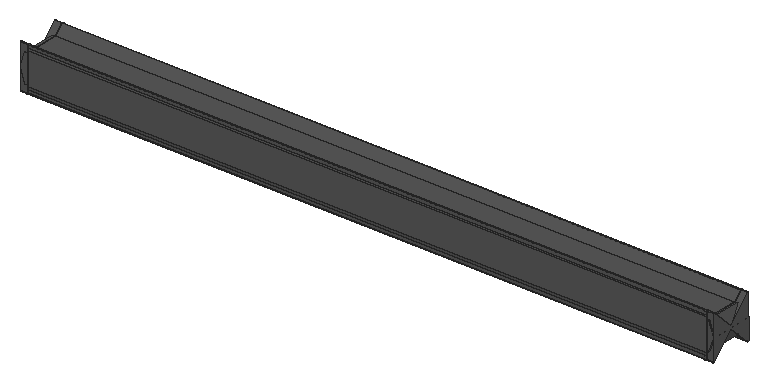
Revit family "LUX-W-DI", category Lighting Fixtures, host Face, Revit 2018
Family settings
  Host = Face
  Round Connector Dimension = Use Diameter
  Part Type = Normal
  Cut with Voids When Loaded = No
  Light Source = Yes
  Shared = Yes
  Room Calculation Point = Yes
Parameters (values of type "4' Direct/ Indirect")
  Wattage = 35.2941 W
  built-in parameter 1150110 = 1 (stored number, unit not read)
  Voltage = 0 V
  built-in parameter 1114217 = 1 (stored number, unit not read)
  built-in parameter 1150109 = 1 (stored number, unit not read)
  built-in parameter 1150134 = 12
  Switch Leg Visibility = no
  Switch Leg [instance] = ""
  Suspension Length [instance] = 2' - 0"
  built-in parameter 1150113 = 1 (stored number, unit not read)
  Material [instance] = LUX ILLUMINAIRE Black
  built-in parameter 1150105 = 954.93 (stored number, unit not read)
  Lumens = 3000 lm
  built-in parameter 1150115 = 1 (stored number, unit not read)
  Light Source Symbol Size = 2' - 0"
  built-in parameter 1150137 = (empty or 0)
  built-in parameter 1150139 = (empty or 0)
  built-in parameter 1150112 = 1 (stored number, unit not read)
  built-in parameter 1150114 = 1 (stored number, unit not read)
  Lamp = "LED"
  built-in parameter 1150132 = 2
  built-in parameter 1150102 = (empty or 0)
  built-in parameter 1150107 = 4000 (stored number, unit not read)
  built-in parameter 1150138 = (empty or 0)
  built-in parameter 1150106 = 9.5493 (stored number, unit not read)
  Fixture Width = 0' - 2 1/4"  # constant formula
  Fixture Symbol Visiblity = yes
  Fixture Length = 3' - 11.99935"
  End Cap Height [instance] = 1' - 8 15/16"
  End Cap - Sculpted = yes
  End Cap - Flat = no
  Emit from Rectangle Width = 0' - 2 1/2"  # constant formula
  Emit from Rectangle Length = Fixture Length  # 3' - 11.99935"
  Emit Shape Visible in Rendering = yes
  Emergency Lighting [instance] = no
  built-in parameter 1150104 = 7.8968 (stored number, unit not read)
  Dimming Lamp Color Temperature Shift = <None>
  Default Elevation = 7' - 0"
  Color Filter = 16777215
  built-in parameter 1140040 [instance] = 1
  built-in parameter 1114218 = 1 (stored number, unit not read)
  built-in parameter 1150133 = 10 (stored number, unit not read)
  Apparent Load = 24.6 VA
Types (7): name | Wattage | built-in parameter 1150105 | Lumens | built-in parameter 1150106 | Fixture Length | Emit from Rectangle Length | Apparent Load
  3' Direct/ Indirect | 26.4706 W | 716.2 (stored number, unit not read) | 2250 lm | 7.162 (stored number, unit not read) | 3' - 0" | 3' - 0" | 18.5 VA
  4' Direct/ Indirect | 35.2941 W | 954.93 (stored number, unit not read) | 3000 lm | 9.5493 (stored number, unit not read) | 3' - 11.99935" | 3' - 11.99935" | 24.6 VA
  5' Direct/ Indirect | 44.1176 W | 1193.7 (stored number, unit not read) | 3750 lm | 11.937 (stored number, unit not read) | 5' - 0" | 5' - 0" | 30.7 VA
  6' Direct/ Indirect | 52.9412 W | 1432.4 (stored number, unit not read) | 4500 lm | 14.324 (stored number, unit not read) | 6' - 0" | 6' - 0" | 36.9 VA
  7' Direct/ Indirect | 61.7647 W | 1671.1 (stored number, unit not read) | 5250 lm | 16.711 (stored number, unit not read) | 7' - 0" | 7' - 0" | 43 VA
  8' Direct/ Indirect | 70.5882 W | 1909.9 (stored number, unit not read) | 6000 lm | 19.099 (stored number, unit not read) | 8' - 0" | 8' - 0" | 49.2 VA
  2' Direct/ Indirect | 17.6471 W | 477.46 (stored number, unit not read) | 1500 lm | 4.7746 (stored number, unit not read) | 2' - 0" | 2' - 0" | 12.4 VA
Reference planes (in)
  plane 1 "Center (Front/Back)": y = 0
  plane 2: z = 0
  plane 3 "Center (Left/Right)": x = 0
  plane 4: x = 23.99967
  plane 5: x = -23.99967
  plane 6: z = 1
  plane 7: x = 24.25098
  plane 8: x = -24.25033
  plane 9: z = 2.25
  plane 10: x = 24.49967
  plane 11: x = -24.50033
Forms (in)
  Extrusion 1, solid, not visible
    sketch origin (0, 0, 0) x (1, 0, 0) y (0, 1, 0)
      loop
        circle (0.00029, -24) r 0.1875
    from 0 to 1
  Extrusion 2, solid, not visible
    sketch origin (0, 0, 0) x (1, 0, 0) y (0, 1, 0)
      loop
        circle (0.0005, -24) r 0.03125
    from 1 to 13.33203
  Extrusion 3, solid, not visible
    sketch origin (0, 0, 0) x (1, 0, 0) y (0, 1, 0)
      loop
        circle (0.0005, -24) r 0.18729
    from 13.33203 to 14.08203
  Extrusion 4, solid, material "LUX ILLUMINAIRE Black" <- "Material", visible <- "End Cap - Flat"
    sketch origin (0, -17.27953, 1.57677) x (0, 0, -1) y (0, 1, 0)
      loop
        line (-1.56538, 18.8186) -> (-1.01751, 18.27073) -> (-1.01751, 16.37827) -> (-1.56538, 15.83039)
        arc (-1.56538, 15.83039) -> (-1.56878, 15.80652) -> (-1.54849, 15.7935) r 0.02231
        line (-1.54849, 15.7935) -> (1.54849, 15.7935)
        arc (1.54849, 15.7935) -> (1.56878, 15.80652) -> (1.56538, 15.83039) r 0.02231
        line (1.56538, 15.83039) -> (1.01895, 16.37827) -> (1.01895, 18.27073) -> (1.56683, 18.8186)
        arc (1.56683, 18.8186) -> (1.56878, 18.84247) -> (1.54849, 18.8555) r 0.02231
        line (1.54849, 18.8555) -> (-1.54849, 18.8555)
        arc (-1.54849, 18.8555) -> (-1.56878, 18.84247) -> (-1.56538, 18.8186) r 0.02231
    from 23.99967 to 24.25098
  Extrusion 5, solid, material "LUX ILLUMINAIRE Black" <- "Material", visible <- "End Cap - Flat"
    sketch origin (0, -17.27953, 1.57677) x (0, 0, -1) y (0, -1, 0)
      loop
        arc (-1.56538, -18.8186) -> (-1.56878, -18.84247) -> (-1.54849, -18.8555) r 0.02231
        line (-1.54849, -18.8555) -> (1.54849, -18.8555)
        arc (1.54849, -18.8555) -> (1.56878, -18.84247) -> (1.56683, -18.8186) r 0.02231
        line (1.56683, -18.8186) -> (1.01895, -18.27073) -> (1.01895, -16.37827) -> (1.56538, -15.83039)
        arc (1.56538, -15.83039) -> (1.56878, -15.80652) -> (1.54849, -15.7935) r 0.02231
        line (1.54849, -15.7935) -> (-1.54849, -15.7935)
        arc (-1.54849, -15.7935) -> (-1.56878, -15.80652) -> (-1.56538, -15.83039) r 0.02231
        line (-1.56538, -15.83039) -> (-1.01751, -16.37827) -> (-1.01751, -18.27073) -> (-1.56538, -18.8186)
    from 23.99967 to 24.25033
  Extrusion 6, solid, material "LUX ILLUMINAIRE Black" <- "Material"
    sketch origin (0, 10.77848, 2.66418) x (0, 0, -1) y (0, 1, 0)
      loop
        line (2.40203, -12.26452) -> (2.40203, -12.23323) -> (2.22754, -12.26452) -> (-0.05203, -12.26452) -> (-0.22687, -12.23323) -> (-0.22687, -12.26452) -> (-0.46108, -12.26452)
        arc (-0.46108, -12.26452) -> (-0.48137, -12.25149) -> (-0.47797, -12.22763) r 0.02231
        line (-0.47797, -12.22763) -> (0.0699, -11.67975) -> (0.0699, -9.78729) -> (-0.47797, -9.23941)
        arc (-0.47797, -9.23941) -> (-0.48137, -9.21554) -> (-0.46108, -9.20252) r 0.02231
        line (-0.46108, -9.20252) -> (-0.22687, -9.20252) -> (-0.22687, -9.2338) -> (-0.05255, -9.20261) -> (2.22737, -9.20261) -> (2.40203, -9.23386) -> (2.40203, -9.20258) -> (2.6359, -9.20258)
        arc (2.6359, -9.20258) -> (2.65619, -9.2156) -> (2.6528, -9.23947) r 0.02231
        line (2.6528, -9.23947) -> (2.10636, -9.78735) -> (2.10636, -11.67981) -> (2.65424, -12.22763)
        arc (2.65424, -12.22763) -> (2.65619, -12.25149) -> (2.6359, -12.26452) r 0.02231
        line (2.6359, -12.26452) -> (2.40813, -12.26452)
    from -23.99967 to 23.99967
  Extrusion 7, solid, material "LUX ILLUMINAIRE Black" <- "Material", visible <- "End Cap - Sculpted"
    sketch origin (0, -17.27906, 1.57677) x (0, 0, -1) y (0, -1, 0)
      loop
        line (-1.54849, -18.8555) -> (1.54849, -18.8555)
        arc (1.54849, -18.8555) -> (1.56878, -18.84247) -> (1.56683, -18.8186) r 0.02231
        line (1.56683, -18.8186) -> (0.07272, -17.3245) -> (1.56538, -15.83039)
        arc (1.56538, -15.83039) -> (1.56878, -15.80652) -> (1.54849, -15.7935) r 0.02231
        line (1.54849, -15.7935) -> (-1.54849, -15.7935)
        arc (-1.54849, -15.7935) -> (-1.56878, -15.80652) -> (-1.56538, -15.83039) r 0.02231
        line (-1.56538, -15.83039) -> (-0.07128, -17.3245) -> (-1.56538, -18.8186)
        arc (-1.56538, -18.8186) -> (-1.56878, -18.84247) -> (-1.54849, -18.8555) r 0.02231
    from 23.99967 to 24.50033
  Extrusion 8, solid, material "LUX ILLUMINAIRE Black" <- "Material", visible <- "End Cap - Sculpted"
    sketch origin (0, -22.42354, 1.57677) x (0, 0, -1) y (-1, 0, 0)
      loop
        line (-1.01751, 24) -> (1.01895, 24) -> (1.01895, 24.19087) -> (0.07138, 24.47835) -> (-0.07128, 24.47835) -> (-1.01751, 24.19087) -> (-1.01751, 24)
    from 20.9375 <- "End Cap Height" to 24 <- "Suspension Length"
  Extrusion 9, solid, material "LUX ILLUMINAIRE Black" <- "Material", visible <- "End Cap - Sculpted"
    sketch origin (0, -17.27906, 1.57677) x (0, 0, -1) y (0, 1, 0)
      loop
        arc (-1.54849, 18.8555) -> (-1.56878, 18.84247) -> (-1.56538, 18.8186) r 0.02231
        line (-1.56538, 18.8186) -> (-0.07128, 17.3245) -> (-1.56538, 15.83039)
        arc (-1.56538, 15.83039) -> (-1.56878, 15.80652) -> (-1.54849, 15.7935) r 0.02231
        line (-1.54849, 15.7935) -> (1.54849, 15.7935)
        arc (1.54849, 15.7935) -> (1.56878, 15.80652) -> (1.56538, 15.83039) r 0.02231
        line (1.56538, 15.83039) -> (0.07272, 17.3245) -> (1.56683, 18.8186)
        arc (1.56683, 18.8186) -> (1.56878, 18.84247) -> (1.54849, 18.8555) r 0.02231
        line (1.54849, 18.8555) -> (-1.54849, 18.8555)
    from 23.99967 to 24.49967
  Extrusion 10, solid, material "LUX ILLUMINAIRE Black" <- "Material", visible <- "End Cap - Sculpted"
    sketch origin (0, -22.42354, 1.57677) x (0, 0, -1) y (-1, 0, 0)
      loop
        line (-1.01751, -24) -> (-1.01751, -24.19087) -> (-0.07128, -24.47835) -> (0.07138, -24.47835) -> (1.01895, -24.19087) -> (1.01895, -24) -> (-1.01751, -24)
    from 20.9375 <- "End Cap Height" to 24 <- "Suspension Length"
Lines and regions (in)
  symbolic lines, visible <- "Fixture Symbol Visiblity"
    curve 1: line (23.99967, 0, 3.14215) -> (-23.99967, 0, 3.14215)
    curve 2: line (23.99967, 0, 0.09334) -> (23.99967, 0, 3.14215)
    curve 3: line (-23.99967, 0, 0.09334) -> (23.99967, 0, 0.09334)
    curve 4: line (-23.99967, 0, 3.14215) -> (-23.99967, 0, 0.09334)
Dimensions and locks (in)
  plane 5 to plane 4 = 3' - 11.99935"
  plane 4 to plane 5 = 3' - 11.99935"
  equal spacing: plane 4, plane 3 "Center (Left/Right)", plane 5
  "Fixture Length": plane 4 to plane 5
  plane 10 to plane 7 to plane 4 = 0' - 0.24869" locked, 0' - 0.25131" locked
  plane 5 to plane 8 to plane 11 = 0' - 0.25065" locked, 0' - 0 1/4" locked
  "Fixture Width": plane 9 to level
  aligned and locked: plane 2 to host face
  aligned and locked: level to host face
  aligned and locked: plane 5 to curve 4
  aligned and locked: curve 2 to plane 4
  aligned and locked: plane 4 to nested 2
  aligned and locked: nested 2 to plane 5
  aligned and locked: Extrusion 7 to plane 11
  aligned and locked: Extrusion 5 to plane 8
  aligned and locked: plane 5 to Extrusion 7
  aligned and locked: Extrusion 6 to plane 5
  aligned and locked: plane 5 to Extrusion 5
  aligned and locked: plane 10 to Extrusion 9
  aligned and locked: plane 7 to Extrusion 4
  aligned and locked: Extrusion 9 to plane 4
  aligned and locked: plane 4 to Extrusion 6
  aligned and locked: Extrusion 4 to plane 4
Automatic sketch dimensions
  host sketch curve to host sketch curve = 8' - 0"  (x2)
  plane 9 to Extrusion 4 sketch curve = 0' - 0.89215"  (x2)
  Extrusion 4 sketch curve to Extrusion 4 sketch curve = 0' - 0.01689"  (x2)
  plane 9 to Extrusion 4 sketch curve = 0' - 0.34428"
  Extrusion 4 sketch curve to plane 6 = 0' - 0.44218"
  level to Extrusion 4 sketch curve = 0' - 0.02828"  (x2)
  plane 1 "Center (Front/Back)" to Extrusion 4 sketch curve = 0' - 1.48604"
  Extrusion 4 sketch curve to Extrusion 4 sketch curve = 0' - 0.02231"  (x2)
  Extrusion 4 sketch curve to Extrusion 4 sketch curve = 0' - 0.56246"  (x3)
  Extrusion 4 sketch curve to plane 1 "Center (Front/Back)" = 0' - 0.99119"  (x2)
  Extrusion 4 sketch curve to Extrusion 4 sketch curve = 0' - 0.54788"
  Extrusion 4 sketch curve to Extrusion 4 sketch curve = 0' - 0.01458"
  level to Extrusion 4 sketch curve = 0' - 0.01138"  (x2)
  Extrusion 4 sketch curve to Extrusion 4 sketch curve = 0' - 0.00145"  (x2)
  Extrusion 4 sketch curve to Extrusion 4 sketch curve = 0' - 0"  (x2)
  plane 9 to Extrusion 5 sketch curve = 0' - 0.89215"  (x2)
  Extrusion 5 sketch curve to Extrusion 5 sketch curve = 0' - 0.01689"  (x2)
  plane 9 to Extrusion 5 sketch curve = 0' - 0.34428"
  Extrusion 5 sketch curve to plane 6 = 0' - 0.44218"
  level to Extrusion 5 sketch curve = 0' - 0.02828"  (x2)
  Extrusion 5 sketch curve to plane 1 "Center (Front/Back)" = 0' - 1.57596"
  Extrusion 5 sketch curve to Extrusion 5 sketch curve = 0' - 0.02231"  (x2)
  Extrusion 5 sketch curve to Extrusion 5 sketch curve = 0' - 0.56246"  (x3)
  plane 1 "Center (Front/Back)" to Extrusion 5 sketch curve = 0' - 0.90127"  (x2)
  Extrusion 5 sketch curve to Extrusion 5 sketch curve = 0' - 0.54788"
  Extrusion 5 sketch curve to Extrusion 5 sketch curve = 0' - 0.01458"
  level to Extrusion 5 sketch curve = 0' - 0.01138"  (x2)
  Extrusion 5 sketch curve to Extrusion 5 sketch curve = 0' - 0.00145"  (x2)
  Extrusion 5 sketch curve to Extrusion 5 sketch curve = 0' - 0"  (x2)
  plane 9 to Extrusion 6 sketch curve = 0' - 0.89215"  (x2)
  Extrusion 6 sketch curve to Extrusion 6 sketch curve = 0' - 0.01689"  (x2)
  Extrusion 6 sketch curve to Extrusion 6 sketch curve = 0' - 0.23422"  (x2)
  Extrusion 6 sketch curve to Extrusion 6 sketch curve = 0' - 0.17432"
  Extrusion 6 sketch curve to Extrusion 6 sketch curve = 0' - 0.17483"
  plane 9 to Extrusion 6 sketch curve = 0' - 0.34428"
  Extrusion 6 sketch curve to plane 6 = 0' - 0.44218"
  level to Extrusion 6 sketch curve = 0' - 0.43681"
  level to Extrusion 6 sketch curve = 0' - 0.43664"
  Extrusion 6 sketch curve to Extrusion 6 sketch curve = 0' - 0.17466"
  Extrusion 6 sketch curve to Extrusion 6 sketch curve = 0' - 0.17449"
  level to Extrusion 6 sketch curve = 0' - 0.02828"  (x2)
  plane 1 "Center (Front/Back)" to Extrusion 6 sketch curve = 0' - 1.48604"
  Extrusion 6 sketch curve to Extrusion 6 sketch curve = 0' - 0"  (x5)
  Extrusion 6 sketch curve to Extrusion 6 sketch curve = 0' - 0.02231"  (x2)
  Extrusion 6 sketch curve to Extrusion 6 sketch curve = 0' - 0.03129"  (x3)
  Extrusion 6 sketch curve to Extrusion 6 sketch curve = 0' - 0.58471"
  Extrusion 6 sketch curve to Extrusion 6 sketch curve = 0' - 0.58477"
  Extrusion 6 sketch curve to plane 1 "Center (Front/Back)" = 0' - 0.99113"
  Extrusion 6 sketch curve to plane 1 "Center (Front/Back)" = 0' - 0.99119"
  Extrusion 6 sketch curve to Extrusion 6 sketch curve = 0' - 0.54788"
  Extrusion 6 sketch curve to Extrusion 6 sketch curve = 0' - 0.55348"
  Extrusion 6 sketch curve to Extrusion 6 sketch curve = 0' - 0.00561"
  Extrusion 6 sketch curve to Extrusion 6 sketch curve = 0' - 0.00897"
  Extrusion 6 sketch curve to Extrusion 6 sketch curve = 0' - 0.01458"
  Extrusion 6 sketch curve to Extrusion 6 sketch curve = 0' - 0.00009"
  Extrusion 6 sketch curve to Extrusion 6 sketch curve = 0' - 0.0061"
  level to Extrusion 6 sketch curve = 0' - 0.01138"  (x2)
  Extrusion 6 sketch curve to Extrusion 6 sketch curve = 0' - 0.00145"  (x2)
  plane 9 to Extrusion 7 sketch curve = 0' - 0.89215"  (x2)
  Extrusion 7 sketch curve to Extrusion 7 sketch curve = 0' - 0.01689"  (x2)
  Extrusion 7 sketch curve to plane 1 "Center (Front/Back)" = 0' - 0.04544"  (x2)
  Extrusion 7 sketch curve to plane 9 = 0' - 0.60195"
  Extrusion 7 sketch curve to Extrusion 7 sketch curve = 0' - 0.144"
  level to Extrusion 7 sketch curve = 0' - 0.02828"  (x2)
  Extrusion 7 sketch curve to plane 1 "Center (Front/Back)" = 0' - 1.53954"
  Extrusion 7 sketch curve to plane 1 "Center (Front/Back)" = 0' - 1.55412"
  Extrusion 7 sketch curve to Extrusion 7 sketch curve = 0' - 0.01458"  (x2)
  plane 1 "Center (Front/Back)" to Extrusion 7 sketch curve = 0' - 1.46325"
  level to Extrusion 7 sketch curve = 0' - 0.01138"  (x2)
  Extrusion 7 sketch curve to Extrusion 7 sketch curve = 0' - 0.00145"  (x2)
  Extrusion 7 sketch curve to Extrusion 7 sketch curve = 0' - 0"
  plane 8 to Extrusion 8 sketch curve = 0' - 0.05946"  (x2)
  plane 9 to Extrusion 8 sketch curve = 0' - 0.34428"
  Extrusion 8 sketch curve to plane 8 = 0' - 0.22802"
  Extrusion 8 sketch curve to plane 9 = 0' - 0.60195"
  Extrusion 8 sketch curve to Extrusion 8 sketch curve = 0' - 0.14266"
  Extrusion 8 sketch curve to plane 5 = 0' - 0.00033"
  Extrusion 8 sketch curve to plane 6 = 0' - 0.44218"
  plane 9 to Extrusion 9 sketch curve = 0' - 0.89215"  (x2)
  Extrusion 9 sketch curve to Extrusion 9 sketch curve = 0' - 0.01689"  (x2)
  Extrusion 9 sketch curve to plane 1 "Center (Front/Back)" = 0' - 0.04544"  (x2)
  Extrusion 9 sketch curve to plane 9 = 0' - 0.60195"
  Extrusion 9 sketch curve to Extrusion 9 sketch curve = 0' - 0.144"
  level to Extrusion 9 sketch curve = 0' - 0.02828"  (x2)
  plane 1 "Center (Front/Back)" to Extrusion 9 sketch curve = 0' - 1.44867"
  plane 1 "Center (Front/Back)" to Extrusion 9 sketch curve = 0' - 1.46325"
  Extrusion 9 sketch curve to Extrusion 9 sketch curve = 0' - 0.01458"  (x2)
  Extrusion 9 sketch curve to plane 1 "Center (Front/Back)" = 0' - 1.55412"
  level to Extrusion 9 sketch curve = 0' - 0.01138"  (x2)
  Extrusion 9 sketch curve to Extrusion 9 sketch curve = 0' - 0.00145"  (x2)
  Extrusion 9 sketch curve to Extrusion 9 sketch curve = 0' - 0"
  Extrusion 10 sketch curve to plane 7 = 0' - 0.06011"  (x2)
  plane 9 to Extrusion 10 sketch curve = 0' - 0.34428"
  plane 7 to Extrusion 10 sketch curve = 0' - 0.22737"
  Extrusion 10 sketch curve to plane 9 = 0' - 0.60195"
  Extrusion 10 sketch curve to Extrusion 10 sketch curve = 0' - 0.14266"
  plane 4 to Extrusion 10 sketch curve = 0' - 0.00033"
  Extrusion 10 sketch curve to plane 6 = 0' - 0.44218"
  level to curve 3 = 0' - 0.09334"
  plane 9 to curve 2 = 0' - 0.89215"
  radius of Extrusion 1 sketch curve = 0' - 0 3/16"
  radius of Extrusion 2 sketch curve = 0' - 0 1/32"
  radius of Extrusion 3 sketch curve = 0' - 0.18729"
Nested families (in)
  nested 1: "Indirect Light Source 1" at (0, -7.08632, -52.50449) x (-1, 0, 0) z (0, 0, 1), type "Indirect Light Source 1"
  nested 2: "Emergency Symbol Rectangle" at (0.00033, 0, -9.73616) x (-1, 0, 0) z (0, -1, 0), visible <- "Emergency Lighting", type "Emergency Symbol Rectangle"
    with Width 0' - 10.25662", Length 3' - 11.99935"
Definition of nested family "Indirect Light Source 1"
  Parameters (values of type "Indirect Light Source 1")
    Wattage = 20 W
    built-in parameter 1150110 = 1 (stored number, unit not read)
    built-in parameter 1114217 = 1 (stored number, unit not read)
    built-in parameter 1150109 = 1 (stored number, unit not read)
    built-in parameter 1150134 = 12
    built-in parameter 1150113 = 1 (stored number, unit not read)
    Lumens = 1700 lm
    built-in parameter 1150115 = 1 (stored number, unit not read)
    built-in parameter 1150105 = 541.13 (stored number, unit not read)
    Light Source Symbol Size = 2' - 0"
    built-in parameter 1150137 = (empty or 0)
    built-in parameter 1150139 = (empty or 0)
    built-in parameter 1150112 = 1 (stored number, unit not read)
    built-in parameter 1150114 = 1 (stored number, unit not read)
    built-in parameter 1150132 = (empty or 0)
    built-in parameter 1150102 = (empty or 0)
    built-in parameter 1150138 = (empty or 0)
    built-in parameter 1150107 = 4000 (stored number, unit not read)
    built-in parameter 1150106 = 5.4113 (stored number, unit not read)
    Emit from Rectangle Width = 0' - 2 1/2"
    Emit from Rectangle Length = 3' - 11.99935"
    Emit Shape Visible in Rendering = yes
    built-in parameter 1150104 = 7.8968 (stored number, unit not read)
    Dimming Lamp Color Temperature Shift = (empty or 0)
    Color Filter = 16777215
    built-in parameter 1114218 = 1 (stored number, unit not read)
    built-in parameter 1150133 = 10 (stored number, unit not read)
  Reference planes (in)
    plane 1 "Light Source Axis (F/B)": y = -8.60801
    plane 2: z = 0
    plane 3 "Light Source Axis (L/R)": x = 0
    plane 4 "Light Source Elevation": z = 54
    plane 5: z = 0
  Dimensions and locks (in)
    aligned and locked: plane 3 "Light Source Axis (L/R)" to imposter light
    aligned and locked: level to plane 5
Definition of nested family "Emergency Symbol Rectangle"
  Parameters (values of type "Emergency Symbol Rectangle")
    Width [instance] = 0' - 8 1/2"
    Length [instance] = 5' - 0"
    Emergency Visibility = no
  Reference planes (in)
    plane 1 "Center (Front/Back)": y = -7.75
    plane 2: z = 0
    plane 3 "Center (Left/Right)": x = -24
    plane 4: x = 24
    plane 5: x = -36
    plane 6: y = -3.5
    plane 7: y = -12
  Lines and regions (in)
    Filled region 1, type "Solid Fill - Black", in view "Ref. Level", detail levels coarse+medium
      outline origin (0, 0.25, 0) x (1, 0, 0) y (0, 1, 0)
        loop
          line (-36, -12.25) -> (24, -12.25) -> (-36, -10.125) -> (-36, -12.25)
  Dimensions and locks (in)
    equal spacing: plane 7, plane 1 "Center (Front/Back)", plane 6
    "Width": plane 7 to plane 6
    "Length": plane 5 to plane 4
    aligned and locked: plane 5 to Filled region 1
  Automatic sketch dimensions
    plane 1 "Center (Front/Back)" to Filled region 1 sketch curve = 0' - 2 1/8"
    Filled region 1 sketch curve to plane 3 "Center (Left/Right)" = 1' - 0"
    Filled region 1 sketch curve to plane 4 = 0' - 0"
    Filled region 1 sketch curve to plane 7 = 0' - 0"
